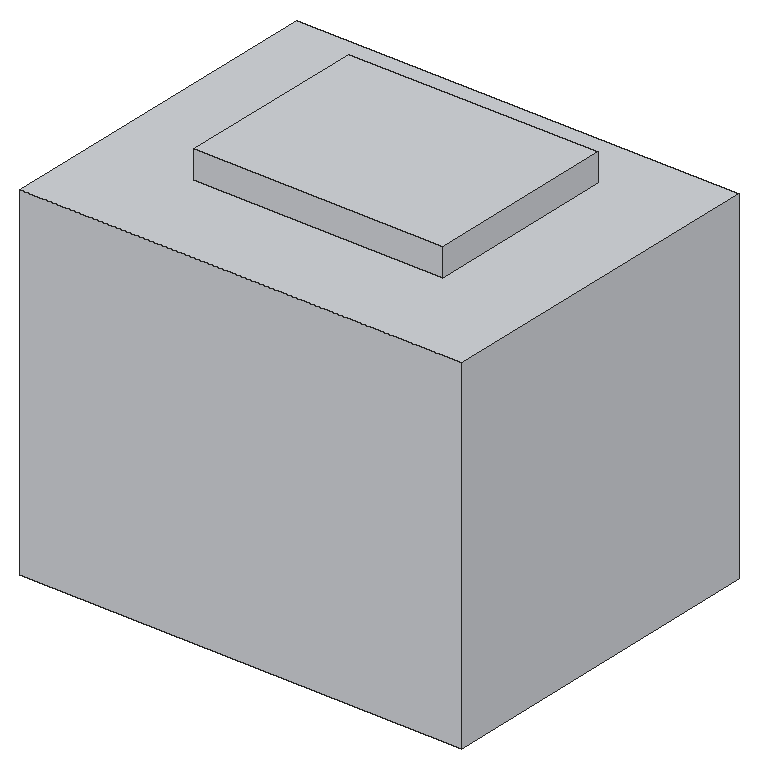
Revit family "f6f311235d174214a31ef46a84696ef1", category Mechanical Equipment, Revit 2021
Family settings
  Round Connector Dimension = Use Diameter
  Part Type = Normal
  OmniClass Number = 23.75.70.11.14.24
  OmniClass Title = Air Mixers
  Seek Item ID = Economizer Module-0000-USA-ENU
  Work Plane-Based = No
  Always vertical = Yes
  Cut with Voids When Loaded = No
  Shared = No
  Room Calculation Point = No
Parameters (values of type "3 Coil")
  Supply Air Outlet Width = Economizer Height  # 2' - 1"
  Supply Air Outlet Height = Economizer Length  # 2' - 8"
  Fresh Air Inlet Width = 18"
  Fresh Air Inlet Height = 14"
  Supply Air Outlet Flow [instance] = 1800 CFM
  Return Air Inlet Height = 32"
  Return Air Inlet Width = 25"
  Return Air Inlet Flow [instance] = 1440 CFM
  Default Elevation = 0' - 0"
  Air Pressure Drop [instance] = 0.75 in-wg
  Half Supply Air Inlet Width = Fresh Air Inlet Width * 0.5  # 0' - 9"
  Half Economizer Length = Economizer Length * 0.5  # 1' - 4"
  Fresh Air Inlet Flow [instance] = 360 CFM
  Economizer Width = 2' - 1"
  Economizer Material = none
  Economizer Length = 2' - 8"
  Economizer Height = 2' - 1"
Types (17): name | Supply Air Outlet Width | Supply Air Outlet Height | Fresh Air Inlet Width | Fresh Air Inlet Height | Supply Air Outlet Flow | Return Air Inlet Height | Return Air Inlet Width | Return Air Inlet Flow | Air Pressure Drop | Half Supply Air Inlet Width | Half Economizer Length | Fresh Air Inlet Flow | Economizer Width | Economizer Length | Economizer Height
  (no name) | 2' - 1" | 2' - 8" | 18" | 14" | 1800 CFM | 32" | 25" | 1440 CFM | 0.75 in-wg | 0' - 9" | 1' - 4" | 360 CFM | 2' - 1" | 2' - 8" | 2' - 1"
  3 Coil | 2' - 1" | 2' - 8" | 18" | 14" | 1800 CFM | 32" | 25" | 1440 CFM | 0.75 in-wg | 0' - 9" | 1' - 4" | 360 CFM | 2' - 1" | 2' - 8" | 2' - 1"
  6 Coil | 2' - 4" | 3' - 8" | 32" | 14" | 3600 CFM | 44" | 28" | 2880 CFM | -0.75 in-wg | 1' - 4" | 1' - 10" | 720 CFM | 2' - 4" | 3' - 8" | 2' - 4"
  8 Coil | 2' - 8" | 4' - 0" | 34" | 14" | 4800 CFM | 48" | 32" | 3840 CFM | -0.75 in-wg | 1' - 5" | 2' - 0" | 960 CFM | 2' - 8" | 4' - 0" | 2' - 8"
  10 Coil | 2' - 10" | 5' - 0" | 56" | 20" | 6000 CFM | 60" | 34" | 4800 CFM | -0.75 in-wg | 2' - 4" | 2' - 6" | 1200 CFM | 2' - 10" | 5' - 0" | 2' - 10"
  12 Coil | 3' - 2" | 5' - 4" | 60" | 20" | 7200 CFM | 64" | 38" | 5760 CFM | -0.75 in-wg | 2' - 6" | 2' - 8" | 1440 CFM | 2' - 10" | 5' - 4" | 3' - 2"
  14 Coil | 3' - 4" | 5' - 8" | 64" | 20" | 8400 CFM | 68" | 40" | 6720 CFM | -0.75 in-wg | 2' - 8" | 2' - 10" | 1680 CFM | 2' - 10" | 5' - 8" | 3' - 4"
  17 Coil | 3' - 8" | 6' - 2" | 70" | 26" | 10200 CFM | 74" | 44" | 8160 CFM | -0.75 in-wg | 2' - 11" | 3' - 1" | 2040 CFM | 2' - 10" | 6' - 2" | 3' - 8"
  21 Coil | 4' - 2" | 6' - 4" | 72" | 30" | 12600 CFM | 76" | 50" | 10080 CFM | -0.75 in-wg | 3' - 0" | 3' - 2" | 2520 CFM | 2' - 10" | 6' - 4" | 4' - 2"
  25 Coil | 4' - 8" | 6' - 6" | 72" | 32" | 15000 CFM | 78" | 56" | 12000 CFM | -0.75 in-wg | 3' - 0" | 3' - 3" | 3000 CFM | 3' - 4" | 6' - 6" | 4' - 8"
  30 Coil | 4' - 8" | 7' - 8" | 86" | 32" | 18000 CFM | 92" | 56" | 14400 CFM | -0.75 in-wg | 3' - 7" | 3' - 10" | 3600 CFM | 3' - 4" | 7' - 8" | 4' - 8"
  35 Coil | 5' - 2" | 8' - 0" | 90" | 36" | 21000 CFM | 96" | 62" | 16800 CFM | -0.75 in-wg | 3' - 9" | 4' - 0" | 4200 CFM | 4' - 0" | 8' - 0" | 5' - 2"
  40 Coil | 5' - 2" | 9' - 2" | 100" | 36" | 24000 CFM | 110" | 62" | 19200 CFM | -0.75 in-wg | 4' - 2" | 4' - 7" | 4800 CFM | 4' - 0" | 9' - 2" | 5' - 2"
  50 Coil | 6' - 2" | 10' - 0" | 114" | 36" | 30000 CFM | 120" | 74" | 24000 CFM | -0.75 in-wg | 4' - 9" | 5' - 0" | 6000 CFM | 4' - 0" | 10' - 0" | 6' - 2"
  66 Coil | 7' - 8" | 11' - 6" | 132" | 42" | 39600 CFM | 138" | 92" | 31680 CFM | -0.75 in-wg | 5' - 6" | 5' - 9" | 7920 CFM | 4' - 2" | 11' - 6" | 7' - 8"
  80 Coil | 9' - 2" | 11' - 6" | 136" | 48" | 48000 CFM | 138" | 110" | 38400 CFM | -0.75 in-wg | 5' - 8" | 5' - 9" | 9600 CFM | 4' - 6" | 11' - 6" | 9' - 2"
  100 Coil | 10' - 0" | 12' - 8" | 146" | 54" | 60000 CFM | 152" | 120" | 48000 CFM | -0.75 in-wg | 6' - 1" | 6' - 4" | 12000 CFM | 5' - 0" | 12' - 8" | 10' - 0"
Reference planes (in)
  plane 1 "Center (Front/Back)": y = 0
  plane 2: z = 0
  plane 3 "Center (Left/Right)": x = 0
  plane 4: x = -16
  plane 5: x = 16
  plane 6: y = -25
  plane 7: z = 25
  plane 8: z = 27
  plane 9: y = -4
  plane 10: x = -9
  plane 11: x = 9
  plane 12: y = -18
Forms (in)
  Extrusion 1, solid, material <- "Economizer Material"
    sketch origin (0, 0, 0) x (1, 0, 0) y (0, 1, 0)
      loop
        line (-16, 0) -> (-16, -25) -> (16, -25) -> (16, 0) -> (-16, 0)
    from 25 to 0
  Extrusion 2, solid, material <- "Economizer Material"
    sketch origin (0, 0, 0) x (1, 0, 0) y (0, 1, 0)
      loop
        line (-9, -4) -> (-9, -18) -> (9, -18) -> (9, -4) -> (-9, -4)
    from 25 to 27
Cuts and joins
  joined: Extrusion 1, Extrusion 2
Dimensions and locks (in)
  equal spacing: plane 4, plane 3 "Center (Left/Right)", plane 5
  "Half Economizer Length": plane 4 to plane 3 "Center (Left/Right)"
  "Economizer Width": plane 6 to plane 1 "Center (Front/Back)"
  "Economizer Height": plane 7 to plane 2
  locked: plane 8 to plane 7 at 2
  locked: plane 9 to plane 1 "Center (Front/Back)" at 4
  equal spacing: plane 10, plane 3 "Center (Left/Right)", plane 11
  "Half Supply Air Inlet Width": plane 10 to plane 3 "Center (Left/Right)"
  "Fresh Air Inlet Height": plane 9 to plane 12
  aligned and locked: plane 4 to Extrusion 1 sketch curve
  aligned and locked: plane 1 "Center (Front/Back)" to Extrusion 1 sketch curve
  aligned and locked: plane 6 to Extrusion 1 sketch curve
  aligned and locked: Extrusion 1 sketch curve to plane 5
  aligned and locked: Extrusion 1 to level
  aligned and locked: plane 7 to Extrusion 1
  aligned and locked: plane 10 to Extrusion 2 sketch curve
  aligned and locked: Extrusion 2 sketch curve to plane 9
  aligned and locked: plane 12 to Extrusion 2 sketch curve
  aligned and locked: Extrusion 2 sketch curve to plane 11
  aligned and locked: plane 8 to Extrusion 2
  aligned and locked: Extrusion 2 to Extrusion 1
Connectors (in)
  hvac at (0, -25, 12.5), driven by "Supply Air Outlet Height", driven by "Supply Air Outlet Width", driven by "Supply Air Outlet Flow", driven by "Air Pressure Drop"
    settings: on cut or joined group of Extrusion 1, Extrusion 2, index 1, duct flow 1800 CFM, flow factor 0, pres drop 0.75 in-wg, loss coef 0, conn angle 0.00°, conn width 25", conn height 32", conn diameter 24", duct sys type 1, conn prof type 1, flow config 0, flow direction 2, loss method 4, conn ref index -1, conn util no, is conn primary yes, conn desc ""
  hvac at (0, 0, 12.5), driven by "Return Air Inlet Height", driven by "Return Air Inlet Width", driven by "Return Air Inlet Flow"
    settings: on cut or joined group of Extrusion 1, Extrusion 2, index 2, duct flow 1440 CFM, flow factor 0, pres drop 0.00 in-wg, loss coef 0, conn angle 0.00°, conn width 25", conn height 32", conn diameter 24", duct sys type 2, conn prof type 1, flow config 0, flow direction 1, loss method 4, conn ref index -1, conn util no, is conn primary no, conn desc ""
  hvac at (0, -11, 27), driven by "Fresh Air Inlet Flow", driven by "Fresh Air Inlet Height", driven by "Fresh Air Inlet Width"
    settings: on cut or joined group of Extrusion 1, Extrusion 2, index 3, duct flow 360 CFM, flow factor 0, pres drop 0.00 in-wg, loss coef 0, conn angle 0.00°, conn width 18", conn height 14", conn diameter 24", duct sys type 2, conn prof type 1, flow config 0, flow direction 1, loss method 4, conn ref index -1, conn util no, is conn primary no, conn desc ""
